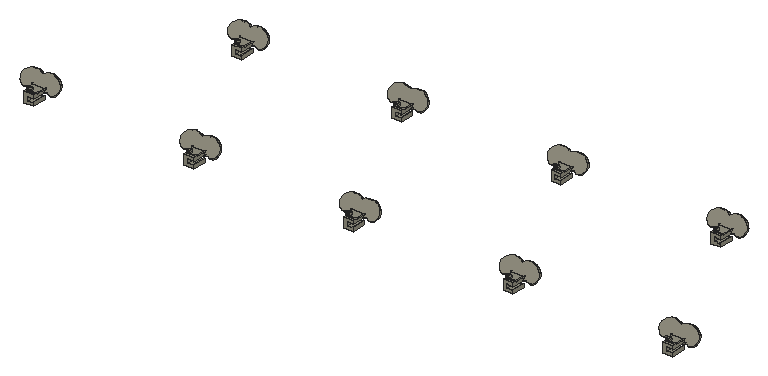
Revit family "Construction_Roof-Accessories_Alpine-SnowGuards_ASG33G", category Specialty Equipment, host Face, Revit 2019
Family settings
  Host = Face
  Round Connector Dimension = Use Diameter
  Part Type = Normal
  OmniClass Number = 23.35.20.31.27.14
  OmniClass Title = Snow Guards
  Cut with Voids When Loaded = No
  Shared = No
  Room Calculation Point = No
Parameters (values of type "2x2 Pattern – Two Row")
  z_Option3 = Row Options : Three Rows
  z_Option2 = Row Options : Two Rows
  z_Option1 = Row Options : One Row
  Z_Vertical Spacing = if(Vertical Spacing = 0", 12", Vertical Spacing)  # 24"
  Z_Three Rows [instance] = and((Length > 2 * Z_Horizontal Spacing), Number of Rows = z_Option3)  # no
  Z_Three Row Second Pad [instance] = and(not(or(Z_Three Rows, Z_Two Rows, Z_Custom Row, Number of Rows = z_Option2, Z_CR)), Z_Length > Z_Horizontal Spacing)  # no
  Z_Three Row First Pad [instance] = not(or(Z_Three Rows, Z_Two Rows, Z_Custom Row, Number of Rows = z_Option2, Z_CR))  # no
  Z_Second Row Number [instance] = Z_Number of Pads Control - 1  # 4
  Z_Two Row First Pad [instance] = and(not(or(Z_Three Rows, Z_Two Rows, Z_Custom Row, Z_CR)), or(Z_Length = Z_Horizontal Spacing / 2, Z_Length > Z_Horizontal Spacing / 2))  # no
  Z_Second Row [instance] = Z_Horizontal Spacing / 2  # 12"
  Z_Not Brass = or([ASG33G - U], [ASG33G - T])  # yes
  Z_Length [instance] = if(Length < Z_Horizontal Spacing / 2, Z_Horizontal Spacing / 2, Length)  # 100"
  Z_Horizontal Spacing = if(Horizontal Spacing = 0", 24", Horizontal Spacing)  # 24"
  Z_Distance between Pads [instance] = Length / (Z_Number of Pads Control - 1)  # 25"
  Z_Custom Row Second Pad [instance] = and(not(or(Z_Three Rows, Z_Two Rows, Z_Custom Row)), Z_Length > Z_Horizontal Spacing)  # no
  Z_Custom Row First Pad [instance] = not(or(Z_Three Rows, Z_Two Rows))  # no
  Z_Custom Row [instance] = and((Length > 2 * Z_Horizontal Spacing), or(Number of Rows = z_Option1, Number of Rows = z_Option2, Number of Rows = z_Option3))  # yes
  Z_CR = no
  Vertical Spacing = 24"
  URL = "https://www.alpinesnowguards.com/model/asg33g?utm_source=bimobject&utm_medium=productlisting&utm_campaign=2022marketing"
  Z_Two Rows [instance] = and((Length > 2 * Z_Horizontal Spacing), or(Number of Rows = z_Option2, Number of Rows = z_Option3))  # yes
  Standard Layouts [instance] = "Standard layouts are shown. Custom layouts are available, please contact Alpine Snow Guard to discuss."  # constant formula
  Snow Guard Count [instance] = if(and(Number of Rows = z_Option1, and(Length > 24", Length < 49")), 2, if(and(Number of Rows = z_Option1, or(Length = 0", Length < 25")), 1, if(and(Number of Rows = z_Option2, or(Length = 0", Length < 25")), 2, if(and(Number of Rows = z_Option3, and(Length > 24", Length < 49")), 5, if(Z_Three Rows, 2 * Z_Number of Pads Control + Z_Second Row Number, if(Z_Two Rows, Z_Number of Pads Control + Z_Second Row Number, Z_Number of Pads Control))))))  # 9
  Product data url = "https://www.bimobject.com/en-us/alpine-snowguards/product/ASG33G-standing_stam_pad_style_snow_guard"
  Product Material = Alpine SnowGuards - Aluminium - Mill Finish
  Product Guid = "4c2efa07-3a37-4130-b1ce-ba1c0cf7bb8f"  # constant formula
  Z_Number of Pads Control [instance] = if((Z_Length / Z_Horizontal Spacing + 1) < 3, 3, rounddown(Z_Length / Z_Horizontal Spacing + 1))  # 5
  Number of Rows = Row Options : Two Rows
  Length Note [instance] = "To show a single SnowGuard in the Row, please set Length to 0"  # constant formula
  Model = if([ASG33G - U], "ASG33G - U", if([ASG33G - U - BR], "ASG33G - U - BR", "ASG33G - T"))  # "ASG33G - T"
  Manufacturer = "Alpine SnowGuards"  # constant formula
  Length [instance] = 100"
  Keynote = "07720"
  IMPORTANT [instance] = "All layouts begin with a 3-row pattern."  # constant formula
  Horizontal Spacing = 24"
  Edition number = 1
  Description = "ASG33G pad-style snow guard. Multiple block configurations available for different seam styles."  # constant formula
  Default Elevation = 48"
  Assembly Code = "B3010"
  ASG33G - U - BR = no
  ASG33G - U = no
  ASG33G - T = yes
Types (6): name | Z_Vertical Spacing | Z_Three Rows | Z_Second Row Number | Z_Second Row | Z_Horizontal Spacing | Z_Distance between Pads | Z_Custom Row First Pad | Z_CR | Vertical Spacing | Z_Two Rows | Snow Guard Count | Z_Number of Pads Control | Number of Rows | Horizontal Spacing
  (no name) | 24" | no | 4 | 12" | 24" | 25" | no | no | 24" | yes | 9 | 5 | Row Options : Two Rows | 24"
  3-Row Pattern | 12" | yes | 4 | 12" | 24" | 25" | no | no | 12" | yes | 14 | 5 | Row Options : Three Rows | 24"
  2x4 Pattern – Two Row | 24" | no | 2 | 24" | 48" | 50" | no | no | 24" | yes | 5 | 3 | Row Options : Two Rows | 48"
  2x3 Pattern – Two Row | 24" | no | 2 | 18" | 36" | 50" | no | no | 24" | yes | 5 | 3 | Row Options : Two Rows | 36"
  2x2 Pattern – Two Row | 24" | no | 4 | 12" | 24" | 25" | no | no | 24" | yes | 9 | 5 | Row Options : Two Rows | 24"
  Custom – Single Row | 12" | no | 4 | 12" | 24" | 25" | yes | yes | 0" | no | 5 | 5 | Row Options : One Row | 24"
Reference planes (in)
  plane 1 "Center (Front/Back)": y = 0
  plane 2: z = 0
  plane 3 "Center (Left/Right)": x = 0
  plane 4: x = 100
  plane 5: y = 24
  plane 6: y = 48
  plane 7: x = 12
  plane 8: x = 24
  plane 9: x = 36
Dimensions and locks (in)
  "Z_Length": plane 3 "Center (Left/Right)" to plane 4
  "Z_Vertical Spacing": plane 1 "Center (Front/Back)" to plane 5
  "Z_Vertical Spacing": plane 6 to plane 5
  "Z_Horizontal Spacing": plane 3 "Center (Left/Right)" to plane 8
  equal spacing: group 1, group 2, group 3, group 9, group 10  (x3)
  "Z_Horizontal Spacing": plane 7 to plane 9
  equal spacing: plane 3 "Center (Left/Right)", plane 7, plane 8
  equal spacing: group 4, group 5, group 11, group 12  (x3)
  equal spacing: group 6, group 7, group 8, group 13, group 14  (x3)
  aligned and locked: host face to plane 2
  aligned and locked: host face to level
  aligned and locked: plane 3 "Center (Left/Right)" to nested 1  (x2)
  aligned and locked: plane 8 to nested 2
  aligned and locked: plane 3 "Center (Left/Right)" to nested 4  (x2)
  aligned and locked: plane 7 to nested 6  (x2)
  aligned and locked: plane 3 "Center (Left/Right)" to nested 7  (x2)
  aligned and locked: plane 8 to nested 8  (x2)
  aligned and locked: nested 1 to plane 1 "Center (Front/Back)"
  aligned and locked: nested 4 to plane 1 "Center (Front/Back)"
  aligned and locked: plane 5 to nested 6
  aligned and locked: plane 6 to nested 7
  aligned and locked: nested 5 to plane 1 "Center (Front/Back)"
  aligned and locked: plane 8 to nested 5
  aligned and locked: plane 6 to nested 8
  aligned and locked: plane 5 to nested 9
  aligned and locked: plane 7 to nested 9
  aligned and locked: plane 3 "Center (Left/Right)" to nested 10
  aligned and locked: plane 6 to nested 10
  aligned and locked: plane 9 to nested 11
  aligned and locked: plane 5 to nested 11
  aligned and locked: plane 6 to nested 12
  aligned and locked: plane 8 to nested 12
Automatic sketch dimensions
  host sketch curve to host sketch curve = 167.34463"
  host sketch curve to host sketch curve = 121.14631"
Nested families (in)
  nested 1: "Construction_Roof-Accessories_Alpine-SnowGuards_Pad-ASG33G" at (0, 0, 0), visible <- "Z_Custom Row", ASG33G-T <- "ASG33G - T", ASG33G-U <- "ASG33G - U", ASG33G-U-BR <- "ASG33G - U - BR", type "Other"
    with x 1 1/2", Z_Not Brass yes, ASG33G-U-BR no, ASG33G-U no, ASG33G-T yes
  nested 2: "Construction_Roof-Accessories_Alpine-SnowGuards_Pad-ASG33G" at (24, 0, 0), visible <- "Z_Custom Row", ASG33G-T <- "ASG33G - T", ASG33G-U <- "ASG33G - U", ASG33G-U-BR <- "ASG33G - U - BR", type "Other"
    with x 1 1/2", Z_Not Brass yes, ASG33G-U-BR no, ASG33G-U no, ASG33G-T yes
  nested 3: "Construction_Roof-Accessories_Alpine-SnowGuards_Pad-ASG33G" at (48, 0, 0), visible <- "Z_Custom Row", ASG33G-T <- "ASG33G - T", ASG33G-U <- "ASG33G - U", ASG33G-U-BR <- "ASG33G - U - BR", type "Other"
    with x 1 1/2", Z_Not Brass yes, ASG33G-U-BR no, ASG33G-U no, ASG33G-T yes
  nested 4: "Construction_Roof-Accessories_Alpine-SnowGuards_Pad-ASG33G" at (0, 0, 0), visible <- "Z_Custom Row First Pad", ASG33G-T <- "ASG33G - T", ASG33G-U <- "ASG33G - U", ASG33G-U-BR <- "ASG33G - U - BR", type "Other"
    with x 1 1/2", Z_Not Brass yes, ASG33G-U-BR no, ASG33G-U no, ASG33G-T yes
  nested 5: "Construction_Roof-Accessories_Alpine-SnowGuards_Pad-ASG33G" at (24, 0, 0), visible <- "Z_Custom Row Second Pad", ASG33G-T <- "ASG33G - T", ASG33G-U <- "ASG33G - U", ASG33G-U-BR <- "ASG33G - U - BR", type "Other"
    with x 1 1/2", Z_Not Brass yes, ASG33G-U-BR no, ASG33G-U no, ASG33G-T yes
  nested 6: "Construction_Roof-Accessories_Alpine-SnowGuards_Pad-ASG33G" at (12, 24, 0), visible <- "Z_Two Row First Pad", ASG33G-T <- "ASG33G - T", ASG33G-U <- "ASG33G - U", ASG33G-U-BR <- "ASG33G - U - BR", type "Other"
    with x 1 1/2", Z_Not Brass yes, ASG33G-U-BR no, ASG33G-U no, ASG33G-T yes
  nested 7: "Construction_Roof-Accessories_Alpine-SnowGuards_Pad-ASG33G" at (0, 48, 0), visible <- "Z_Three Row First Pad", ASG33G-T <- "ASG33G - T", ASG33G-U <- "ASG33G - U", ASG33G-U-BR <- "ASG33G - U - BR", type "Other"
    with x 1 1/2", Z_Not Brass yes, ASG33G-U-BR no, ASG33G-U no, ASG33G-T yes
  nested 8: "Construction_Roof-Accessories_Alpine-SnowGuards_Pad-ASG33G" at (24, 48, 0), visible <- "Z_Three Row Second Pad", ASG33G-T <- "ASG33G - T", ASG33G-U <- "ASG33G - U", ASG33G-U-BR <- "ASG33G - U - BR", type "Other"
    with x 1 1/2", Z_Not Brass yes, ASG33G-U-BR no, ASG33G-U no, ASG33G-T yes
  nested 9: "Construction_Roof-Accessories_Alpine-SnowGuards_Pad-ASG33G" at (12, 24, 0), ASG33G-T <- "ASG33G - T", ASG33G-U <- "ASG33G - U", ASG33G-U-BR <- "ASG33G - U - BR", visible <- "Z_Two Rows", type "Other"
    with x 1 1/2", Z_Not Brass yes, ASG33G-U-BR no, ASG33G-U no, ASG33G-T yes
  nested 10: "Construction_Roof-Accessories_Alpine-SnowGuards_Pad-ASG33G" at (0, 48, 0), ASG33G-T <- "ASG33G - T", ASG33G-U <- "ASG33G - U", ASG33G-U-BR <- "ASG33G - U - BR", visible <- "Z_Three Rows", type "Other"
    with x 1 1/2", Z_Not Brass yes, ASG33G-U-BR no, ASG33G-U no, ASG33G-T yes
  nested 11: "Construction_Roof-Accessories_Alpine-SnowGuards_Pad-ASG33G" at (36, 24, 0), ASG33G-T <- "ASG33G - T", ASG33G-U <- "ASG33G - U", ASG33G-U-BR <- "ASG33G - U - BR", visible <- "Z_Two Rows", type "Other"
    with x 1 1/2", Z_Not Brass yes, ASG33G-U-BR no, ASG33G-U no, ASG33G-T yes
  nested 12: "Construction_Roof-Accessories_Alpine-SnowGuards_Pad-ASG33G" at (24, 48, 0), ASG33G-T <- "ASG33G - T", ASG33G-U <- "ASG33G - U", ASG33G-U-BR <- "ASG33G - U - BR", visible <- "Z_Three Rows", type "Other"
    with x 1 1/2", Z_Not Brass yes, ASG33G-U-BR no, ASG33G-U no, ASG33G-T yes
  nested 13: "Construction_Roof-Accessories_Alpine-SnowGuards_Pad-ASG33G" at (48, 48, 0), ASG33G-T <- "ASG33G - T", ASG33G-U <- "ASG33G - U", ASG33G-U-BR <- "ASG33G - U - BR", visible <- "Z_Three Rows", type "Other"
    with x 1 1/2", Z_Not Brass yes, ASG33G-U-BR no, ASG33G-U no, ASG33G-T yes
  nested 14: "Construction_Roof-Accessories_Alpine-SnowGuards_Pad-ASG33G" at (72, 0, 0), visible <- "Z_Custom Row", ASG33G-T <- "ASG33G - T", ASG33G-U <- "ASG33G - U", ASG33G-U-BR <- "ASG33G - U - BR", type "Other"
    with x 1 1/2", Z_Not Brass yes, ASG33G-U-BR no, ASG33G-U no, ASG33G-T yes
  nested 15: "Construction_Roof-Accessories_Alpine-SnowGuards_Pad-ASG33G" at (96, 0, 0), visible <- "Z_Custom Row", ASG33G-T <- "ASG33G - T", ASG33G-U <- "ASG33G - U", ASG33G-U-BR <- "ASG33G - U - BR", type "Other"
    with x 1 1/2", Z_Not Brass yes, ASG33G-U-BR no, ASG33G-U no, ASG33G-T yes
  nested 16: "Construction_Roof-Accessories_Alpine-SnowGuards_Pad-ASG33G" at (60, 24, 0), ASG33G-T <- "ASG33G - T", ASG33G-U <- "ASG33G - U", ASG33G-U-BR <- "ASG33G - U - BR", visible <- "Z_Two Rows", type "Other"
    with x 1 1/2", Z_Not Brass yes, ASG33G-U-BR no, ASG33G-U no, ASG33G-T yes
  nested 17: "Construction_Roof-Accessories_Alpine-SnowGuards_Pad-ASG33G" at (84, 24, 0), ASG33G-T <- "ASG33G - T", ASG33G-U <- "ASG33G - U", ASG33G-U-BR <- "ASG33G - U - BR", visible <- "Z_Two Rows", type "Other"
    with x 1 1/2", Z_Not Brass yes, ASG33G-U-BR no, ASG33G-U no, ASG33G-T yes
  nested 18: "Construction_Roof-Accessories_Alpine-SnowGuards_Pad-ASG33G" at (72, 48, 0), ASG33G-T <- "ASG33G - T", ASG33G-U <- "ASG33G - U", ASG33G-U-BR <- "ASG33G - U - BR", visible <- "Z_Three Rows", type "Other"
    with x 1 1/2", Z_Not Brass yes, ASG33G-U-BR no, ASG33G-U no, ASG33G-T yes
  nested 19: "Construction_Roof-Accessories_Alpine-SnowGuards_Pad-ASG33G" at (96, 48, 0), ASG33G-T <- "ASG33G - T", ASG33G-U <- "ASG33G - U", ASG33G-U-BR <- "ASG33G - U - BR", visible <- "Z_Three Rows", type "Other"
    with x 1 1/2", Z_Not Brass yes, ASG33G-U-BR no, ASG33G-U no, ASG33G-T yes
Definition of nested family "Construction_Roof-Accessories_Alpine-SnowGuards_Pad-ASG33G"
  Parameters (values of type "Other")
    x [instance] = if([ASG33G-U-BR], 1", 1 1/2")  # 1 1/2"
    Z_Not Brass [instance] = or([ASG33G-U], [ASG33G-T])  # yes
    W = 6 1/8"
    Product Material = none
    H = 3 1/4"
    ASG33G-U-BR [instance] = no
    ASG33G-U [instance] = no
    ASG33G-T [instance] = yes
  Reference planes (in)
    plane 1 "Center (Front/Back)": y = 0
    plane 2: z = 0
    plane 3 "Center (Left/Right)": x = 0
    plane 4: x = -3.0625
    plane 5: x = 3.0625
    plane 6: z = 3.25
    plane 7: y = 1
    plane 8: y = -1
    plane 9: y = -2
    plane 10: y = -1
    plane 11: z = 1.5
    plane 12: y = 0.875
  Forms (in)
    Extrusion 1, solid, material <- "Product Material", visible <- "ASG33G-U"
      sketch origin (0, 0, 0) x (1, 0, 0) y (0, 0, 1)
        loop
          line (0.73895, 1.5) -> (-0.73895, 1.5) -> (-0.73895, 0) -> (-0.25895, 0) -> (-0.2277, 0) -> (-0.2277, 0.03125) -> (-0.31411, 0.03125) -> (-0.31411, 0.9) -> (0.31411, 0.9) -> (0.31411, 0.03125) -> (0.2277, 0.03125) -> (0.2277, 0) -> (0.31411, 0) -> (0.73895, 0) -> (0.73895, 1.5)
      from -1 to 1
    Extrusion 2, solid, material <- "Product Material", visible <- "ASG33G-T"
      sketch origin (0, 0, 0) x (1, 0, 0) y (0, 0, 1)
        loop
          line (-0.73895, 0) -> (0.73895, 0) -> (0.73895, 0.53811) -> (0.64588, 0.53811) -> (0.64588, 0.48) -> (-0.16105, 0.48) -> (-0.16105, 1.02) -> (0.66145, 1.02) -> (0.66145, 0.9725) -> (0.73895, 0.9725) -> (0.73895, 1.5) -> (-0.73895, 1.5) -> (-0.73895, 0)
      from 0 to 2
    Extrusion 3, solid, visible <- "ASG33G-U-BR"
      sketch origin (0, 0, 0) x (1, 0, 0) y (0, 0, 1)
        loop
          line (0.48895, 1) -> (-0.48895, 1) -> (-0.48895, 0) -> (-0.18911, 0) -> (-0.18911, 0.625) -> (0.18911, 0.625) -> (0.18911, 0) -> (0.48895, 0) -> (0.48895, 1)
      from -0.875 to 1
    Revolve 4, solid, material <- "Product Material", visible <- "ASG33G-U", detail levels fine
      sketch origin (0.00315, -0.98296, -0.16883) x (0, 1, 0) y (0, 0, 1)
        loop
          line (0.5, 1.79383) -> (0.5, 2.04383) -> (0.26665, 2.04383) -> (0.26665, 1.88022) -> (0.22692, 1.88022) -> (0.22692, 1.79383) -> (0.5, 1.79383)
        axis (0.5, 2.04383) -> (0.5, 1.79383)
      angle from 0 to 360
    Revolve 5, solid, material <- "Product Material", visible <- "ASG33G-T", detail levels fine
      sketch origin (-0.38658, -0.83777, -0.16883) x (0, -1, 0) y (0, 0, -1)
        loop
          line (0.5, -1.79383) -> (0.22692, -1.79383) -> (0.22692, -1.88022) -> (0.26665, -1.88022) -> (0.26665, -2.04383) -> (0.5, -2.04383) -> (0.5, -1.79383)
        axis (0.5, -2.04383) -> (0.5, -1.79383)
      angle from 0 to 360
    Revolve 6, solid, visible <- "ASG33G-U-BR", detail levels fine
      sketch origin (0, -0.98296, -0.16883) x (0, 1, 0) y (0, 0, 1)
        loop
          line (0.5, 1.79383) -> (0.5, 2.04383) -> (0.26665, 2.04383) -> (0.26665, 1.88022) -> (0.22692, 1.88022) -> (0.22692, 1.79383) -> (0.5, 1.79383)
        axis (0.5, 2.04383) -> (0.5, 1.79383)
      angle from 0 to 360
  Dimensions and locks (in)
    equal spacing: plane 5, plane 3 "Center (Left/Right)", plane 4
    "W": plane 5 to plane 4
    "H": plane 6 to level
    equal spacing: Extrusion 1 sketch curve, plane 3 "Center (Left/Right)", Extrusion 1 sketch curve  (x2)
    locked: Extrusion 1 sketch curve to level at 1.5
    equal spacing: plane 7, plane 1 "Center (Front/Back)", plane 8
    locked: plane 7 to plane 8 at 2
    locked: plane 1 "Center (Front/Back)" to plane 9 at 2
    equal spacing: Extrusion 3 sketch curve, plane 3 "Center (Left/Right)", Extrusion 3 sketch curve
    locked: Extrusion 3 sketch curve to level at 1
    locked: Extrusion 3 sketch curve to level at 0.625
    "x": level to plane 11
    locked: plane 12 to plane 10 at 1.875
    locked: Extrusion 2 sketch curve to level at 1.5
    locked: Extrusion 2 sketch curve to Extrusion 2 sketch curve at 0.48  (x2)
    locked: Extrusion 2 sketch curve to Extrusion 2 sketch curve at 0.0475
    locked: Extrusion 2 sketch curve to Extrusion 2 sketch curve at 0.05811
    aligned and locked: level to plane 2
    aligned and locked: plane 7 to Extrusion 1
    aligned and locked: Extrusion 1 to plane 8
    aligned and locked: Extrusion 2 to plane 1 "Center (Front/Back)"
    aligned and locked: Extrusion 2 to plane 9
    aligned and locked: Extrusion 3 sketch curve to level
    aligned and locked: level to Extrusion 3 sketch curve
    aligned and locked: Extrusion 3 to plane 10
    aligned and locked: plane 11 to nested 1
    aligned and locked: plane 1 "Center (Front/Back)" to nested 1
    aligned and locked: plane 12 to Extrusion 3
  Automatic sketch dimensions
    Extrusion 2 sketch curve to plane 3 "Center (Left/Right)" = 0.73895"
    Extrusion 2 sketch curve to plane 3 "Center (Left/Right)" = 0.16105"
    plane 3 "Center (Left/Right)" to Extrusion 2 sketch curve = 0.64588"
    Extrusion 2 sketch curve to Extrusion 2 sketch curve = 0.01557"
    Extrusion 2 sketch curve to Extrusion 2 sketch curve = 0.0775"
    Extrusion 2 sketch curve to Extrusion 2 sketch curve = 0.09307"
    Extrusion 3 sketch curve to plane 3 "Center (Left/Right)" = 0.48895"
    Extrusion 3 sketch curve to plane 3 "Center (Left/Right)" = 0.18911"
    plane 3 "Center (Left/Right)" to Extrusion 3 sketch curve = 0.18911"
    plane 8 to Revolve 4 sketch curve = 0.24396"
    Revolve 4 sketch curve to Revolve 4 sketch curve = 0.03973"
    Revolve 4 sketch curve to Revolve 4 sketch curve = 0.23335"
    Revolve 4 sketch curve to plane 11 = 1/8"
    Revolve 4 sketch curve to Revolve 4 sketch curve = 0.08639"
    Revolve 4 sketch curve to Revolve 4 sketch curve = 1/4"
    Revolve 4 sketch curve to level = 0.16883"
    plane 1 "Center (Front/Back)" to Revolve 4 sketch curve = 0.48296"
    plane 11 to Revolve 4 sketch curve = 0.16883"
    Revolve 5 sketch curve to plane 8 = 0.06469"
    Revolve 5 sketch curve to Revolve 5 sketch curve = 0.03973"
    Revolve 5 sketch curve to Revolve 5 sketch curve = 0.23335"
    Revolve 5 sketch curve to plane 11 = 3/8"
    Revolve 5 sketch curve to Revolve 5 sketch curve = 0.16361"
    Revolve 5 sketch curve to Revolve 5 sketch curve = 0.08639"
    Revolve 5 sketch curve to level = 0.16883"
    Revolve 5 sketch curve to plane 9 = 0.66223"
    plane 11 to Revolve 5 sketch curve = 0.16883"
    Extrusion 1 sketch curve to level = 0"  (x2)
    Extrusion 1 sketch curve to plane 3 "Center (Left/Right)" = 0.73895"
    Extrusion 1 sketch curve to plane 3 "Center (Left/Right)" = 0.31411"
    Extrusion 1 sketch curve to Extrusion 1 sketch curve = 0.05516"
    Extrusion 1 sketch curve to Extrusion 1 sketch curve = 1/32"
    Extrusion 1 sketch curve to Extrusion 1 sketch curve = 0.08641"  (x2)
    level to Extrusion 1 sketch curve = 1/32"  (x2)
    plane 11 to Extrusion 1 sketch curve = 0.6"
    Extrusion 2 sketch curve to level = 0"
    plane 8 to Revolve 6 sketch curve = 0.24396"
    Revolve 6 sketch curve to Revolve 6 sketch curve = 0.03973"
    Revolve 6 sketch curve to Revolve 6 sketch curve = 0.23335"
    Revolve 6 sketch curve to plane 11 = 1/8"
    Revolve 6 sketch curve to Revolve 6 sketch curve = 0.08639"
    Revolve 6 sketch curve to Revolve 6 sketch curve = 1/4"
    Revolve 6 sketch curve to level = 0.16883"
    plane 1 "Center (Front/Back)" to Revolve 6 sketch curve = 0.48296"
    plane 11 to Revolve 6 sketch curve = 0.16883"
  Nested families (in)
    nested 1: "Pad-ASG33G" at (0, 0, 0), type "Pad-ASG33G"
  Definition of nested family "Pad-ASG33G"
    Parameters (values of type "Pad-ASG33G")
      W = 6 1/8"
      Product Material = none
      Not Brass = not(Brass)  # yes
      H = 3 1/4"
      Brass Material = none
      Brass = no
    Reference planes (in)
      plane 1 "Center (Front/Back)": y = 0
      plane 2: z = 0
      plane 3 "Center (Left/Right)": x = 0
      plane 4: x = -3.0625
      plane 5: x = 3.0625
      plane 6: z = 3.25
      plane 7: y = 1
      plane 8: y = -1
      plane 9: y = -2
      plane 10: y = -1.875
    Forms (in)
      Extrusion 1, solid, material <- "Product Material", visible <- "Not Brass"
        sketch origin (2.4375, 0, 0) x (1, 0, 0) y (0, 1, 0)
          loop
            arc (-3.37278, 0) -> (-3.28238, -0.2346) -> (-3.24337, -0.48296) r 1.18783
            line (-3.24337, -0.48296) -> (-3.24337, -1.33777)
            arc (-3.24337, -1.33777) -> (-3.15902, -1.54142) -> (-2.95538, -1.62577) r 0.28799
            line (-2.95538, -1.62577) -> (-1.91962, -1.62577)
            arc (-1.91962, -1.62577) -> (-1.71598, -1.54142) -> (-1.63163, -1.33777) r 0.28799
            line (-1.63163, -1.33777) -> (-1.63163, -0.48296)
            arc (-1.63163, -0.48296) -> (-1.59262, -0.2346) -> (-1.50222, 0) r 1.18783
            line (-1.50222, 0) -> (-3.37278, 0)
        from 1.5 to 1.625
      Extrusion 2, solid, material <- "Brass Material", visible <- "Brass", detail levels fine
        sketch origin (2.4375, -0.81687, 0.0952) x (1, 0, 0) y (0, 0.50268, 0.864473)
          loop
            line (-3.35721, 1.1179) -> (-3.54178, 1.625)
            arc (-3.54178, 1.625) -> (-3.41678, 1.70946) -> (-3.29178, 1.625) r 0.13473
            line (-3.29178, 1.625) -> (-2.4375, 1.625) -> (-1.58322, 1.625)
            arc (-1.58322, 1.625) -> (-1.45822, 1.70946) -> (-1.33322, 1.625) r 0.13473
            line (-1.33322, 1.625) -> (-1.51779, 1.1179)
            arc (-1.51779, 1.1179) -> (-1.11803, 1.26886) -> (-0.71826, 1.1179) r 0.60478
            arc (-0.71826, 1.1179) -> (-0.13849, 1.11777) -> (0.29745, 1.5) r 0.82282
            arc (0.29745, 1.5) -> (0.36291, 1.605) -> (0.4218, 1.71382) r 2.01317
            arc (0.4218, 1.71382) -> (0.52776, 2.1887) -> (0.39707, 2.65737) r 1
            arc (0.39707, 2.65737) -> (-0.25854, 3.32554) -> (-1.15857, 3.58284) r 1.83288
            arc (-1.15857, 3.58284) -> (-1.82016, 3.49657) -> (-2.4375, 3.24355) r 2.58007
            arc (-2.4375, 3.24355) -> (-3.05484, 3.49657) -> (-3.71643, 3.58284) r 2.58007
            arc (-3.71643, 3.58284) -> (-4.61646, 3.32554) -> (-5.27207, 2.65737) r 1.83288
            arc (-5.27207, 2.65737) -> (-5.40276, 2.1887) -> (-5.2968, 1.71382) r 1
            arc (-5.2968, 1.71382) -> (-5.23791, 1.605) -> (-5.17245, 1.5) r 2.01317
            arc (-5.17245, 1.5) -> (-4.73651, 1.11777) -> (-4.15674, 1.1179) r 0.82282
            arc (-4.15674, 1.1179) -> (-3.75697, 1.26886) -> (-3.35721, 1.1179) r 0.60478
        from 0 to 0.16064
      Extrusion 3, solid, material <- "Product Material", visible <- "Not Brass", detail levels coarse+medium
        sketch origin (2.4375, -0.81687, 0.0952) x (1, 0, 0) y (0, 0.50268, 0.864473)
          loop
            line (-3.35721, 1.1179) -> (-3.54178, 1.625) -> (-2.4375, 1.625) -> (-1.33322, 1.625) -> (-1.51779, 1.1179) -> (-0.71826, 1.1179)
            arc (-0.71826, 1.1179) -> (-0.13849, 1.11777) -> (0.29745, 1.5) r 0.82282
            arc (0.29745, 1.5) -> (0.36291, 1.605) -> (0.4218, 1.71382) r 2.01317
            arc (0.4218, 1.71382) -> (0.52776, 2.1887) -> (0.39707, 2.65737) r 1
            arc (0.39707, 2.65737) -> (-0.25854, 3.32554) -> (-1.15857, 3.58284) r 1.83288
            line (-1.15857, 3.58284) -> (-3.71643, 3.58284)
            arc (-3.71643, 3.58284) -> (-4.61646, 3.32554) -> (-5.27207, 2.65737) r 1.83288
            arc (-5.27207, 2.65737) -> (-5.40276, 2.1887) -> (-5.2968, 1.71382) r 1
            arc (-5.2968, 1.71382) -> (-5.23791, 1.605) -> (-5.17245, 1.5) r 2.01317
            arc (-5.17245, 1.5) -> (-4.73651, 1.11777) -> (-4.15674, 1.1179) r 0.82282
            line (-4.15674, 1.1179) -> (-3.35721, 1.1179)
        from 0 to 0.16064
      Extrusion 4, solid, material <- "Brass Material", visible <- "Brass"
        sketch origin (2.4375, 0, 0) x (1, 0, 0) y (0, 1, 0)
          loop
            arc (-3.37278, 0) -> (-3.28238, -0.2346) -> (-3.24337, -0.48296) r 1.18783
            line (-3.24337, -0.48296) -> (-3.24337, -1.33777)
            arc (-3.24337, -1.33777) -> (-3.15902, -1.54142) -> (-2.95538, -1.62577) r 0.28799
            line (-2.95538, -1.62577) -> (-1.91962, -1.62577)
            arc (-1.91962, -1.62577) -> (-1.71598, -1.54142) -> (-1.63163, -1.33777) r 0.28799
            line (-1.63163, -1.33777) -> (-1.63163, -0.48296)
            arc (-1.63163, -0.48296) -> (-1.59262, -0.2346) -> (-1.50222, 0) r 1.18783
            line (-1.50222, 0) -> (-3.37278, 0)
        from 1.5 to 1.625
      Extrusion 5, solid, material <- "Product Material", visible <- "Not Brass", detail levels fine
        sketch origin (2.4375, -0.81687, 0.0952) x (1, 0, 0) y (0, 0.50268, 0.864473)
          loop
            line (-3.35721, 1.1179) -> (-3.54178, 1.625)
            arc (-3.54178, 1.625) -> (-3.41678, 1.70946) -> (-3.29178, 1.625) r 0.13473
            line (-3.29178, 1.625) -> (-2.4375, 1.625) -> (-1.58322, 1.625)
            arc (-1.58322, 1.625) -> (-1.45822, 1.70946) -> (-1.33322, 1.625) r 0.13473
            line (-1.33322, 1.625) -> (-1.51779, 1.1179)
            arc (-1.51779, 1.1179) -> (-1.11803, 1.26886) -> (-0.71826, 1.1179) r 0.60478
            arc (-0.71826, 1.1179) -> (-0.13849, 1.11777) -> (0.29745, 1.5) r 0.82282
            arc (0.29745, 1.5) -> (0.36291, 1.605) -> (0.4218, 1.71382) r 2.01317
            arc (0.4218, 1.71382) -> (0.52776, 2.1887) -> (0.39707, 2.65737) r 1
            arc (0.39707, 2.65737) -> (-0.25854, 3.32554) -> (-1.15857, 3.58284) r 1.83288
            arc (-1.15857, 3.58284) -> (-1.82016, 3.49657) -> (-2.4375, 3.24355) r 2.58007
            arc (-2.4375, 3.24355) -> (-3.05484, 3.49657) -> (-3.71643, 3.58284) r 2.58007
            arc (-3.71643, 3.58284) -> (-4.61646, 3.32554) -> (-5.27207, 2.65737) r 1.83288
            arc (-5.27207, 2.65737) -> (-5.40276, 2.1887) -> (-5.2968, 1.71382) r 1
            arc (-5.2968, 1.71382) -> (-5.23791, 1.605) -> (-5.17245, 1.5) r 2.01317
            arc (-5.17245, 1.5) -> (-4.73651, 1.11777) -> (-4.15674, 1.1179) r 0.82282
            arc (-4.15674, 1.1179) -> (-3.75697, 1.26886) -> (-3.35721, 1.1179) r 0.60478
        from 0 to 0.16064
      Extrusion 6, solid, material <- "Brass Material", visible <- "Brass", detail levels coarse+medium
        sketch origin (2.4375, -0.81687, 0.0952) x (1, 0, 0) y (0, 0.50268, 0.864473)
          loop
            line (-3.35721, 1.1179) -> (-3.54178, 1.625) -> (-2.4375, 1.625) -> (-1.33322, 1.625) -> (-1.51779, 1.1179) -> (-0.71826, 1.1179)
            arc (-0.71826, 1.1179) -> (-0.13849, 1.11777) -> (0.29745, 1.5) r 0.82282
            arc (0.29745, 1.5) -> (0.36291, 1.605) -> (0.4218, 1.71382) r 2.01317
            arc (0.4218, 1.71382) -> (0.52776, 2.1887) -> (0.39707, 2.65737) r 1
            arc (0.39707, 2.65737) -> (-0.25854, 3.32554) -> (-1.15857, 3.58284) r 1.83288
            line (-1.15857, 3.58284) -> (-3.71643, 3.58284)
            arc (-3.71643, 3.58284) -> (-4.61646, 3.32554) -> (-5.27207, 2.65737) r 1.83288
            arc (-5.27207, 2.65737) -> (-5.40276, 2.1887) -> (-5.2968, 1.71382) r 1
            arc (-5.2968, 1.71382) -> (-5.23791, 1.605) -> (-5.17245, 1.5) r 2.01317
            arc (-5.17245, 1.5) -> (-4.73651, 1.11777) -> (-4.15674, 1.1179) r 0.82282
            line (-4.15674, 1.1179) -> (-3.35721, 1.1179)
        from 0 to 0.16064
    Dimensions and locks (in)
      equal spacing: plane 5, plane 3 "Center (Left/Right)", plane 4
      "W": plane 5 to plane 4
      "H": plane 6 to level
      equal spacing: plane 7, plane 1 "Center (Front/Back)", plane 8
      locked: plane 7 to plane 8 at 2
      locked: plane 1 "Center (Front/Back)" to plane 9 at 2
      plane 1 "Center (Front/Back)" to plane 10 = 1 7/8"
      aligned and locked: level to plane 2
    Automatic sketch dimensions
      plane 1 "Center (Front/Back)" to Extrusion 1 sketch curve = 0"
      plane 4 to Extrusion 1 sketch curve = 1.07027"
      Extrusion 1 sketch curve to plane 3 "Center (Left/Right)" = 0.93528"
      Extrusion 1 sketch curve to Extrusion 1 sketch curve = 0.12941"  (x2)
      Extrusion 1 sketch curve to Extrusion 1 sketch curve = 0.28799"
      plane 3 "Center (Left/Right)" to Extrusion 1 sketch curve = 0.51788"
      plane 1 "Center (Front/Back)" to Extrusion 1 sketch curve = 0.48296"
      plane 3 "Center (Left/Right)" to Extrusion 1 sketch curve = 0.80587"
      plane 8 to Extrusion 1 sketch curve = 0.45797"
      Extrusion 1 sketch curve to plane 8 = 0.33777"
      plane 1 "Center (Front/Back)" to Extrusion 1 sketch curve = 0.54203"
      Extrusion 2 sketch curve to plane 3 "Center (Left/Right)" = 0"  (x2)
      Extrusion 2 sketch curve to plane 3 "Center (Left/Right)" = 0.85428"
      Extrusion 2 sketch curve to Extrusion 2 sketch curve = 0.06543"  (x2)
      Extrusion 2 sketch curve to Extrusion 2 sketch curve = 1/8"  (x4)
      Extrusion 2 sketch curve to Extrusion 2 sketch curve = 0.20586"  (x2)
      Extrusion 2 sketch curve to Extrusion 2 sketch curve = 0.13757"  (x2)
      Extrusion 2 sketch curve to Extrusion 2 sketch curve = 0.35921"  (x2)
      Extrusion 2 sketch curve to Extrusion 2 sketch curve = 0.04055"  (x2)
      Extrusion 2 sketch curve to Extrusion 2 sketch curve = 0.72375"  (x2)
      Extrusion 2 sketch curve to Extrusion 2 sketch curve = 0.04369"  (x2)
      plane 3 "Center (Left/Right)" to Extrusion 2 sketch curve = 0.85428"
      Extrusion 2 sketch curve to Extrusion 2 sketch curve = 0"  (x3)
      Extrusion 2 sketch curve to Extrusion 2 sketch curve = 0.33868"  (x2)
      Extrusion 2 sketch curve to Extrusion 2 sketch curve = 0.11513"  (x2)
      Extrusion 2 sketch curve to Extrusion 2 sketch curve = 0.45684"  (x2)
      Extrusion 2 sketch curve to Extrusion 2 sketch curve = 0.05026"
      Extrusion 2 sketch curve to Extrusion 2 sketch curve = 0.12533"  (x2)
      Extrusion 2 sketch curve to Extrusion 2 sketch curve = 0.13758"  (x2)
      Extrusion 2 sketch curve to Extrusion 2 sketch curve = 0.2746"  (x2)
      Extrusion 2 sketch curve to Extrusion 2 sketch curve = 0.86676"  (x2)
      Extrusion 2 sketch curve to Extrusion 2 sketch curve = 0.44031"  (x2)
      plane 4 to Extrusion 2 sketch curve = 0.32755"
      plane 4 to Extrusion 2 sketch curve = 0.22793"
      plane 5 to Extrusion 2 sketch curve = 0.32755"
      Extrusion 3 sketch curve to plane 3 "Center (Left/Right)" = 0"
      Extrusion 3 sketch curve to plane 3 "Center (Left/Right)" = 0.91971"
      Extrusion 3 sketch curve to plane 3 "Center (Left/Right)" = 1.06014"
      Extrusion 3 sketch curve to Extrusion 3 sketch curve = 0.18457"  (x2)
      Extrusion 3 sketch curve to Extrusion 3 sketch curve = 0.13757"  (x2)
      Extrusion 3 sketch curve to Extrusion 3 sketch curve = 0.21878"  (x2)
      Extrusion 3 sketch curve to Extrusion 3 sketch curve = 0.47738"  (x2)
      Extrusion 3 sketch curve to Extrusion 3 sketch curve = 0.72375"  (x2)
      Extrusion 3 sketch curve to Extrusion 3 sketch curve = 0.04369"  (x2)
      plane 3 "Center (Left/Right)" to Extrusion 3 sketch curve = 0.91971"
      plane 3 "Center (Left/Right)" to Extrusion 3 sketch curve = 1.06014"
      Extrusion 3 sketch curve to Extrusion 3 sketch curve = 0"  (x3)
      Extrusion 3 sketch curve to Extrusion 3 sketch curve = 0.5071"
      Extrusion 3 sketch curve to Extrusion 3 sketch curve = 0.12533"  (x2)
      Extrusion 3 sketch curve to Extrusion 3 sketch curve = 0.13758"  (x2)
      Extrusion 3 sketch curve to Extrusion 3 sketch curve = 0.2746"  (x2)
      Extrusion 3 sketch curve to Extrusion 3 sketch curve = 0.86676"  (x2)
      Extrusion 3 sketch curve to Extrusion 3 sketch curve = 0.96575"
      plane 4 to Extrusion 3 sketch curve = 0.32755"
      plane 5 to Extrusion 3 sketch curve = 0.32755"
      plane 1 "Center (Front/Back)" to Extrusion 4 sketch curve = 0"
      plane 4 to Extrusion 4 sketch curve = 1.07027"
      Extrusion 4 sketch curve to plane 3 "Center (Left/Right)" = 0.93528"
      Extrusion 4 sketch curve to Extrusion 4 sketch curve = 0.12941"  (x2)
      Extrusion 4 sketch curve to Extrusion 4 sketch curve = 0.28799"
      plane 3 "Center (Left/Right)" to Extrusion 4 sketch curve = 0.51788"
      plane 1 "Center (Front/Back)" to Extrusion 4 sketch curve = 0.48296"
      plane 3 "Center (Left/Right)" to Extrusion 4 sketch curve = 0.80587"
      plane 8 to Extrusion 4 sketch curve = 0.45797"
      Extrusion 4 sketch curve to plane 8 = 0.33777"
      plane 1 "Center (Front/Back)" to Extrusion 4 sketch curve = 0.54203"
      Extrusion 5 sketch curve to plane 3 "Center (Left/Right)" = 0"  (x2)
      Extrusion 5 sketch curve to plane 3 "Center (Left/Right)" = 0.85428"
      Extrusion 5 sketch curve to Extrusion 5 sketch curve = 0.06543"  (x2)
      Extrusion 5 sketch curve to Extrusion 5 sketch curve = 1/8"  (x4)
      Extrusion 5 sketch curve to Extrusion 5 sketch curve = 0.20586"  (x2)
      Extrusion 5 sketch curve to Extrusion 5 sketch curve = 0.13757"  (x2)
      Extrusion 5 sketch curve to Extrusion 5 sketch curve = 0.35921"  (x2)
      Extrusion 5 sketch curve to Extrusion 5 sketch curve = 0.04055"  (x2)
      Extrusion 5 sketch curve to Extrusion 5 sketch curve = 0.72375"  (x2)
      Extrusion 5 sketch curve to Extrusion 5 sketch curve = 0.04369"  (x2)
      plane 3 "Center (Left/Right)" to Extrusion 5 sketch curve = 0.85428"
      Extrusion 5 sketch curve to Extrusion 5 sketch curve = 0"  (x3)
      Extrusion 5 sketch curve to Extrusion 5 sketch curve = 0.33868"  (x2)
      Extrusion 5 sketch curve to Extrusion 5 sketch curve = 0.11513"  (x2)
      Extrusion 5 sketch curve to Extrusion 5 sketch curve = 0.45684"  (x2)
      Extrusion 5 sketch curve to Extrusion 5 sketch curve = 0.05026"
      Extrusion 5 sketch curve to Extrusion 5 sketch curve = 0.12533"  (x2)
      Extrusion 5 sketch curve to Extrusion 5 sketch curve = 0.13758"  (x2)
      Extrusion 5 sketch curve to Extrusion 5 sketch curve = 0.2746"  (x2)
      Extrusion 5 sketch curve to Extrusion 5 sketch curve = 0.86676"  (x2)
      Extrusion 5 sketch curve to Extrusion 5 sketch curve = 0.44031"  (x2)
      plane 4 to Extrusion 5 sketch curve = 0.32755"
      plane 4 to Extrusion 5 sketch curve = 0.22793"
      plane 5 to Extrusion 5 sketch curve = 0.32755"
      Extrusion 6 sketch curve to plane 3 "Center (Left/Right)" = 0"
      Extrusion 6 sketch curve to plane 3 "Center (Left/Right)" = 0.91971"
      Extrusion 6 sketch curve to plane 3 "Center (Left/Right)" = 1.06014"
      Extrusion 6 sketch curve to Extrusion 6 sketch curve = 0.18457"  (x2)
      Extrusion 6 sketch curve to Extrusion 6 sketch curve = 0.13757"  (x2)
      Extrusion 6 sketch curve to Extrusion 6 sketch curve = 0.21878"  (x2)
      Extrusion 6 sketch curve to Extrusion 6 sketch curve = 0.47738"  (x2)
      Extrusion 6 sketch curve to Extrusion 6 sketch curve = 0.72375"  (x2)
      Extrusion 6 sketch curve to Extrusion 6 sketch curve = 0.04369"  (x2)
      plane 3 "Center (Left/Right)" to Extrusion 6 sketch curve = 0.91971"
      plane 3 "Center (Left/Right)" to Extrusion 6 sketch curve = 1.06014"
      Extrusion 6 sketch curve to Extrusion 6 sketch curve = 0"  (x3)
      Extrusion 6 sketch curve to Extrusion 6 sketch curve = 0.5071"
      Extrusion 6 sketch curve to Extrusion 6 sketch curve = 0.12533"  (x2)
      Extrusion 6 sketch curve to Extrusion 6 sketch curve = 0.13758"  (x2)
      Extrusion 6 sketch curve to Extrusion 6 sketch curve = 0.2746"  (x2)
      Extrusion 6 sketch curve to Extrusion 6 sketch curve = 0.86676"  (x2)
      Extrusion 6 sketch curve to Extrusion 6 sketch curve = 0.96575"
      plane 4 to Extrusion 6 sketch curve = 0.32755"
      plane 5 to Extrusion 6 sketch curve = 0.32755"
